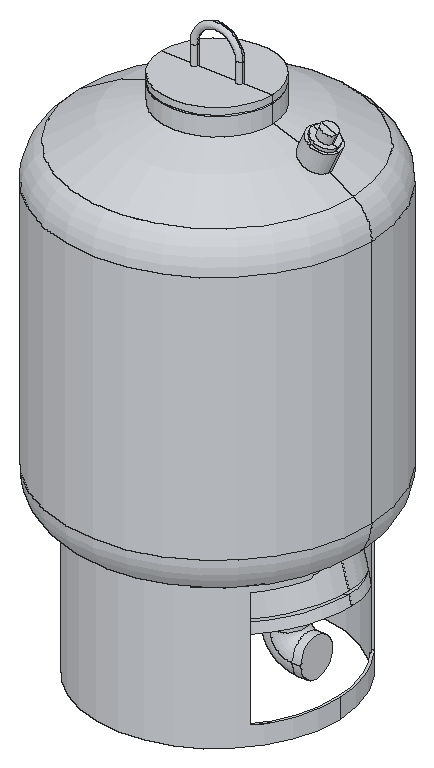
Revit family
Parameters (values of type "ST-447-C 125# W.P.")
  Weight = "263 lbs"
  Tank Volume = "53 Gal"
  Tank Radius = 12.000"
  Tank Only = 31.813"
  Tank Height/Length = 41.688"
  Tank Diameter = Tank Radius * 2  # 24.000"
  Tank Bottom Corner Radius = 3.229"
  Pipe Connection Radius = 1.000"
  Pipe Connection Diameter = Pipe Connection Radius * 2  # 2.000"
  Model = "ST-447-C"
  Maximum Acceptance Volume = "34 Gal"
  Max Operating Temp = "240 Deg F"
  Max Operating Pressure = "125 PSI"
  Manufacturer = "Amtrol"
  Lifting Ring Location = Tank Only / 2  # 15.9065"
  Floor to Elbow Centerline = 3.750"
  Floor to Bottom of Tank = 8.438"
  Bladder/Diaphragm = "Bladder"
  ASME = yes
Types (17): name | Weight | Tank Volume | Tank Only | Tank Height/Length | Model | Maximum Acceptance Volume | Max Operating Pressure | Lifting Ring Location
  (no name) | "263 lbs" | "53 Gal" | 31.813" | 41.688" | "ST-447-C" | "34 Gal" | "125 PSI" | 15.9065"
  ST-447-C 125# W.P. | "263 lbs" | "53 Gal" | 31.813" | 41.688" | "ST-447-C" | "34 Gal" | "125 PSI" | 15.9065"
  ST-447-C 150# W.P. 10 BAR | "262 lbs" | "53 Gallons" | 31.813" | 41.688" | "ST-447-C" | "34 Gallons" | "150 PSI" | 15.9065"
  ST-447-C 175# W.P. | "420 lbs" | "53 Gallons" | 31.813" | 41.688" | "ST-447-C" | "34 Gallons" | "175 PSI" | 15.9065"
  ST-447-C 250# W.P. | "336 lbs" | "53 Gallons" | 32.625" | 42.500" | "ST-447-C" | "34 Gallons" | "250 PSI" | 16.3125"
  ST-448-C 125# W.P. | "330 lbs" | "80 Gallons" | 45.750" | 55.625" | "ST-448-C" | "52 Gallons" | "125 PSI" | 22.875"
  ST-448-C 150# W.P. 10 BAR | "400 lbs" | "80 Gallons" | 45.750" | 55.625" | "ST-448-C" | "52 Gallons" | "150 PSI" | 22.875"
  ST-448-C 175# W.P. | "245 lbs" | "80 Gallons" | 45.750" | 55.625" | "ST-448-C" | "52 Gallons" | "175 PSI" | 22.875"
  ST-448-C 250# W.P. | "403 lbs" | "80 Gallons" | 44.813" | 54.688" | "ST-448-C" | "52 Gallons" | "250 PSI" | 22.4065"
  ST-449-C 125# W.P. | "319 lbs" | "106 Gallons" | 59.688" | 69.563" | "ST-449-C" | "69 Gallons" | "125 PSI" | 29.844"
  ST-449-C 150# W.P. 10 BAR | "392 lbs" | "106 Gallons" | 59.688" | 69.563" | "ST-449-C" | "69 Gallons" | "150 PSI" | 29.844"
  ST-449-C 175# W.P. | "405 lbs" | "106 Gallons" | 59.688" | 69.563" | "ST-449-C" | "69 Gallons" | "175 PSI" | 29.844"
  ST-449-C 250# W.P. | "493 lbs" | "106 Gallons" | 60.500" | 70.375" | "ST-449-C" | "69 Gallons" | "250 PSI" | 30.250"
  ST-450-C 125# W.P. | "351 lbs" | "132 Gallons" | 73.250" | 83.125" | "ST-450-C" | "85 Gallons" | "125 PSI" | 36.625"
  ST-450-C 150# W.P. 10 BAR | "392 lbs" | "132 Gallons" | 73.250" | 83.125" | "ST-450-C" | "85 Gallons" | "150 PSI" | 36.625"
  ST-450-C 175# W.P. | "454 lbs" | "132 Gallons" | 73.250" | 83.125" | "ST-450-C" | "85 Gallons" | "175 PSI" | 36.625"
  ST-450-C 250# W.P. | "570 lbs" | "132 Gallons" | 74.438" | 84.313" | "ST-450-C" | "85 Gallons" | "250 PSI" | 37.219"
Reference planes (in)
  plane 1 "Center (Front/Back)": y = 0
  plane 2: z = 0
  plane 3 "Center (Left/Right)": x = 0
Forms (in)
  Revolve 1, solid
    sketch origin (0, 0, 0) x (1, 0, 0) y (0, 0, 1)
      loop
        arc (10.64583, 36.82425) -> (5.59188, 39.3732) -> (0, 40.251) r 18.25
        line (0, 40.251) -> (0, 8.438)
        arc (0, 8.438) -> (5.59175, 9.31574) -> (10.64565, 11.86452) r 18.2505
        arc (10.64565, 11.86452) -> (11.64162, 13.02092) -> (11.99995, 14.50444) r 3.25013
        line (11.99995, 14.50444) -> (11.99995, 34.16664)
        arc (11.99995, 34.16664) -> (11.64577, 35.65996) -> (10.64583, 36.82425) r 3.25
      axis (0, 8.438) -> (0, 40.251)
    angle from 0 to 360
  Revolve 2, solid
    sketch origin (0, 0, 0) x (1, 0, 0) y (0, 0, 1)
      loop
        line (0, 41.688) -> (0, 39.52192) -> (4.3125, 39.52192) -> (4.3125, 41.063) -> (3.56629, 41.063) -> (3.56629, 41.188) -> (4.3125, 41.188) -> (4.3125, 41.688) -> (0, 41.688)
      axis (0, 39.52192) -> (0, 41.688)
    angle from 0 to 360
  Revolve 3, solid
    sketch origin (0, 0, 0) x (1, 0, 0) y (0, 0, 1)
      loop
        line (8.74022, 40.86733) -> (7.54988, 38.31463) -> (8.69211, 37.782) -> (9.45983, 39.4284) -> (9.25855, 39.52226) -> (9.3642, 39.74884) -> (8.98748, 39.9245) -> (9.30445, 40.60423) -> (8.74022, 40.86733)
      axis (7.54988, 38.31463) -> (8.74022, 40.86733)
    angle from 0 to 360
  Sweep 4, solid
    path origin (0, 0, 0) x (1, 0, 0) y (0, 0, 1)
      loop
        line (-1.748, 41.688) -> (-1.748, 43.188)
        arc (-1.748, 43.188) -> (0.0155, 44.9515) -> (1.779, 43.188) r 1.7635
        line (1.779, 43.188) -> (1.779, 41.688)
    profile origin (-1.748, 0, 42.438) x (-1, 0, 0) y (0, -1, 0)
      loop
        circle (0, 0) r 0.25
  Revolve 5, solid
    sketch origin (0, 0, 0) x (1, 0, 0) y (0, 0, 1)
      loop
        line (-9.5, 0) -> (-9.3125, 0) -> (-9.3125, 11.41933) -> (-9.5, 11.41933) -> (-9.5, 0)
      axis (0, 0) -> (0, 11.41933)
    angle from 0 to 360
  Extrusion 6, void
    sketch origin (0, 0, 0) x (0, 1, 0) y (0, 0, 1)
      loop
        line (6, 1.5) -> (6, 10.70315) -> (-6, 10.70315) -> (-6, 1.5) -> (6, 1.5)
    from 0 to 15.17847
  Revolve 7, solid
    sketch origin (0, 0, 0) x (1, 0, 0) y (0, 0, 1)
      loop
        line (9.59055, 11.38449) -> (4.52155, 10.02625) -> (5.36271, 6.887) -> (10.44675, 8.24926) -> (10.2354, 8.9863) -> (9.32062, 8.72399) -> (9.25648, 8.94767) -> (10.21082, 9.22132) -> (9.59055, 11.38449)
      axis (4.52155, 10.02625) -> (5.36271, 6.887)
    angle from 0 to 360
  Revolve 8, solid
    sketch origin (0, 0, 0) x (1, 0, 0) y (0, 0, 1)
      loop
        line (5.33036, 5.87) -> (6.58173, 5.87) -> (6.58173, 8.0073) -> (5.33036, 8.0073) -> (5.33036, 5.87)
      axis (5.33036, 8.0073) -> (5.33036, 5.87)
    angle from 0 to 360
  Sweep 9, solid
    path origin (0, 0, 0) x (1, 0, 0) y (0, 0, 1)
      loop
        line (5.33036, 5.87) -> (5.33036, 5.46)
        arc (5.33036, 5.46) -> (5.83121, 4.25085) -> (7.04036, 3.75) r 1.71
        line (7.04036, 3.75) -> (7.72492, 3.75)
    profile origin (5.33036, 0, 5.665) x (0, -1, 0) y (1, 0, 0)
      loop
        circle (0, 0) r 1.5
  Sweep 10, solid
    path origin (0, 0, 0) x (1, 0, 0) y (0, 0, 1)
      loop
        line (-11.92404, 26.10965) -> (-12.92404, 26.10965)
        arc (-12.92404, 26.10965) -> (-14.67404, 24.35965) -> (-12.92404, 22.60965) r 1.75
        line (-12.92404, 22.60965) -> (-11.92404, 22.60965)
    profile origin (-12.42404, 0, 26.10965) x (0, 0, -1) y (0, -1, 0)
      loop
        circle (0, 0) r 0.25
Cuts and joins
  Extrusion 6 cuts Revolve 5
Lines and regions (in)
  reference lines
    curve 1: line (0, 0, 8.45315) -> (-1, 0, 8.45315)
Dimensions and locks (in)
  "Tank Only": Revolve 1 sketch curve to Revolve 1 sketch curve
  Revolve 1 sketch curve to Revolve 1 sketch curve = 15.000"
  Revolve 2 sketch curve to Revolve 1 = 5.35527"  (x2)
  Revolve 3 sketch curve to Revolve 1 = 3.61535"
  Revolve 3 sketch curve to Revolve 1 = 4.14798"
  Sweep 4 sketch curve to Revolve 2 = 0.625"  (x2)
  "Floor to Elbow Centerline": Sweep 9 sketch curve to level
  Revolve 3 sketch curve to Revolve 3 sketch curve = 1.8166"
  Revolve 3 sketch curve to Revolve 3 sketch curve = 2.0666"
  Revolve 3 sketch curve to Revolve 3 sketch curve = 2.8166"
  Revolve 3 sketch curve to Revolve 3 sketch curve = 1.26031"
  "Floor to Bottom of Tank": Revolve 1 sketch curve to level
  "Tank Height/Length": Revolve 2 sketch curve to cut or joined group of Revolve 5, Extrusion 6
  "Lifting Ring Location": Sweep 10 sketch curve to curve 1
  radius of Revolve 1 sketch curve = 3.250"
  radius of Revolve 1 sketch curve = 18.250"
  radius of Revolve 1 sketch curve = 3.25013"
  radius of Revolve 1 sketch curve = 18.2505"
  aligned and locked: import instance to plane 1 "Center (Front/Back)"
Automatic sketch dimensions
  Revolve 1 sketch curve to plane 3 "Center (Left/Right)" = 0.000"  (x2)
  Revolve 1 sketch curve to plane 3 "Center (Left/Right)" = 0.00002"
  plane 3 "Center (Left/Right)" to Revolve 1 sketch curve = 8.74982"
  Revolve 1 sketch curve to Revolve 1 sketch curve = 3.24995"
  Revolve 1 sketch curve to Revolve 1 sketch curve = 1.3543"
  Revolve 1 sketch curve to Revolve 1 sketch curve = 0.000"
  Revolve 1 sketch curve to Revolve 1 sketch curve = 7.16777"
  Revolve 2 sketch curve to plane 3 "Center (Left/Right)" = 0.000"  (x2)
  plane 3 "Center (Left/Right)" to Revolve 2 sketch curve = 3.56629"
  Revolve 2 sketch curve to Revolve 2 sketch curve = 0.74621"
  Revolve 2 sketch curve to Revolve 2 sketch curve = 0.000"
  Revolve 2 sketch curve to Revolve 2 sketch curve = 0.125"
  Revolve 2 sketch curve to Revolve 2 sketch curve = 0.500"
  Revolve 2 sketch curve to Revolve 2 sketch curve = 2.32591"
  plane 3 "Center (Left/Right)" to Revolve 3 sketch curve = 7.54988"
  Revolve 3 sketch curve to Revolve 3 sketch curve = 0.000"  (x2)
  Revolve 3 sketch curve to Revolve 3 sketch curve = 0.24726"
  Revolve 3 sketch curve to Revolve 3 sketch curve = 0.27106"
  Revolve 3 sketch curve to Revolve 3 sketch curve = 0.60578"
  Revolve 3 sketch curve to Revolve 3 sketch curve = 1.2991"
  Sweep 4 sketch curve to plane 3 "Center (Left/Right)" = 1.748"
  plane 3 "Center (Left/Right)" to Sweep 4 sketch curve = 0.0155"
  Sweep 4 sketch curve to Sweep 4 sketch curve = 1.500"
  plane 1 "Center (Front/Back)" to Sweep 4 sketch curve = 0.000"
  Sweep 4 sketch curve to profile plane = 0.000"
  Revolve 5 sketch curve to level = 0.000"  (x2)
  Revolve 5 sketch curve to plane 3 "Center (Left/Right)" = 0.000"
  Revolve 5 sketch curve to plane 3 "Center (Left/Right)" = 9.3125"
  Revolve 5 sketch curve to Revolve 5 sketch curve = 0.1875"
  level to Revolve 5 sketch curve = 11.41933"
  Revolve 5 sketch curve to Revolve 5 sketch curve = 2.33067"
  level to Extrusion 6 sketch curve = 1.500"
  plane 1 "Center (Front/Back)" to Extrusion 6 sketch curve = 6.000"
  Extrusion 6 sketch curve to plane 1 "Center (Front/Back)" = 6.000"
  Extrusion 6 sketch curve to Extrusion 6 sketch curve = 9.20315"
  plane 3 "Center (Left/Right)" to Revolve 7 sketch curve = 4.52155"
  Revolve 7 sketch curve to Revolve 7 sketch curve = 0.000"  (x2)
  Revolve 7 sketch curve to Revolve 7 sketch curve = 0.84116"
  Revolve 7 sketch curve to Revolve 7 sketch curve = 0.24303"
  Revolve 7 sketch curve to Revolve 7 sketch curve = 3.89377"
  Revolve 7 sketch curve to Revolve 7 sketch curve = 0.06414"
  Revolve 7 sketch curve to Revolve 7 sketch curve = 0.33406"
  Revolve 7 sketch curve to Revolve 7 sketch curve = 0.95434"
  Revolve 7 sketch curve to Revolve 7 sketch curve = 0.02458"
  level to Revolve 7 sketch curve = 8.24926"
  Revolve 7 sketch curve to Revolve 7 sketch curve = 0.21134"
  Revolve 7 sketch curve to Revolve 7 sketch curve = 1.36226"
  Revolve 7 sketch curve to Revolve 7 sketch curve = 0.907"
  plane 3 "Center (Left/Right)" to Revolve 8 sketch curve = 5.33036"
  Revolve 8 sketch curve to Revolve 8 sketch curve = 0.000"  (x2)
  Revolve 8 sketch curve to Revolve 8 sketch curve = 1.25137"
  level to Revolve 8 sketch curve = 5.460"
  Revolve 8 sketch curve to Revolve 8 sketch curve = 0.410"
  Revolve 8 sketch curve to Revolve 8 sketch curve = 2.1373"
  plane 3 "Center (Left/Right)" to Sweep 9 sketch curve = 5.33036"
  Sweep 9 sketch curve to Sweep 9 sketch curve = 1.710"
  Sweep 9 sketch curve to Sweep 9 sketch curve = 0.68456"
  Sweep 9 sketch curve to Sweep 9 sketch curve = 0.410"
  Sweep 9 sketch curve to Sweep 9 sketch curve = 0.000"
  plane 1 "Center (Front/Back)" to Sweep 9 sketch curve = 0.000"
  Sweep 9 sketch curve to profile plane = 0.000"
  curve 1 to plane 3 "Center (Left/Right)" = 0.000"
  curve 1 to curve 1 = 1.000"
  level to curve 1 = 8.45315"
  Sweep 10 sketch curve to plane 3 "Center (Left/Right)" = 12.92404"
  Sweep 10 sketch curve to Sweep 10 sketch curve = 1.000"  (x2)
  Sweep 10 sketch curve to Sweep 10 sketch curve = 1.750"
  Sweep 10 sketch curve to plane 1 "Center (Front/Back)" = 0.000"
  Sweep 10 sketch curve to profile plane = 0.000"
  radius of Sweep 4 sketch curve = 0.250"
  radius of Sweep 9 sketch curve = 1.500"
  radius of Sweep 10 sketch curve = 0.250"
Connectors (in)
  piping at (7.72492, 0, 3.75), driven by "Pipe Connection Radius"
    settings: on Sweep 9, index 1
